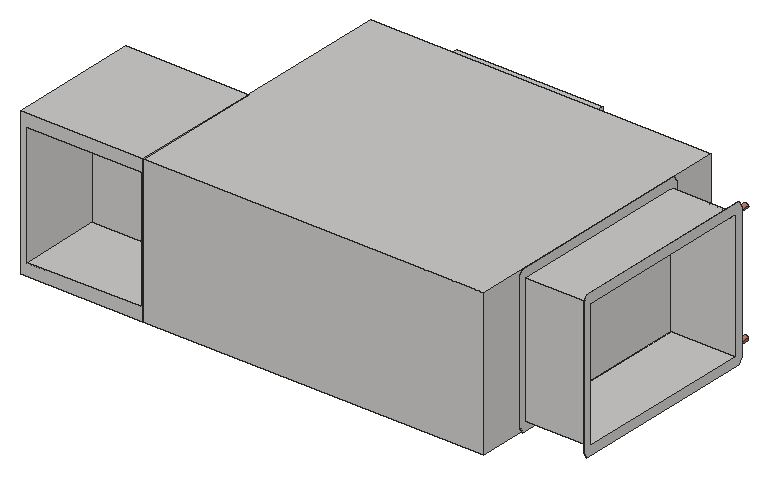
Revit family
Parameters
  Width = 3' - 3"
  Voltage = 277 V
  Unit Weight = if(Number of Rows = 1, "272.0 lbs", if(Number of Rows = 2, "277.0 lbs", "0"))  # "272.0 lbs"
  UltraLoc Liner = Choose Liner Option = 3  # no
  URL = "http://www.titus-hvac.com/"
  UL = "181"
  Supply Air Flow [instance] = 0 CFM
  SteriLoc Liner = Choose Liner Option = 2  # no
  Secondary Material = Copper Connectors
  Primary Air Pressure Drop [instance] = 0.00 in-wg
  Primary Air Flow [instance] = 0 CFM
  Pressure [instance] = 0.00 psi
  Plenum Air Pressure Drop [instance] = 0.00 in-wg
  Plenum Air Flow [instance] = 0 CFM
  Outlet Width = 2' - 1"
  Outlet Height = 1' - 5 1/2"
  Number of Rows = 1
  Number of Poles = 1
  Nominal Width = Width + 0' 6 1/4"  # 3' - 9 1/4"
  Nominal Length = Length + 1' 4 7/8" + 0' 9"  # 6' - 0 5/8"
  Nominal Inlet Size = 1' - 2"
  Nominal Height = 1' - 8"
  NFPA = "90A"
  Motor Full Load Amps [instance] = 4.5 A
  Model = "DTFS-F"
  Min. Air Flow = 0 CFM
  Max. Air Flow = 3000 CFM
  Material = Galvanized Steel
  Manufacturer = "Titus"
  Length = 3' - 10 3/4"
  Juction Box Offset = 0' - 6 7/8"
  Inlet Diameter = Nominal Inlet Size - 0' 0 1/8"  # 1' - 1 7/8"
  Induced Air Inlet Width = 1' - 4 7/8"
  Induced Air Inlet Offset = (Nominal Height - Induced Air Inlet Connection Height) / 2  # 0' - 1 11/16"
  Induced Air Inlet Height = 1' - 6 1/8"
  Induced Air Inlet Connection Width = 1' - 3 3/4"
  Induced Air Inlet Connection Height = 1' - 4 5/8"
  Induced Air Filter = no
  Heating Total Capacity [instance] = 0 Btu/h
  Heating Entering Water Temp = 0 °F
  Half Outlet Width = 1' - 0 1/2"
  Half Outlet Connection Width = Outlet Width / 2  # 1' - 0 1/2"
  Half Outlet Connection Height = Outlet Height / 2  # 0' - 8 3/4"
  Half Height Start = -(Nominal Height / 2)  # -0' - 10"
  Half Height End = Nominal Height / 2  # 0' - 10"
  HWC Option = HWC Section : D-E - 1 Row
  HWC Connector Radius = 5/16"
  HWC Connector Length = 0' - 3"
  HP-Motor = "3/4"
  Gallons Per Minute [instance] = 0 GPM
  Frequency = 60 Hz
  Flange Offset = 0' - 1 1/4"
  Filter Size = "18\"x17\""
  Fiber Free Liner = Choose Liner Option = 1  # no
  Fan Disconnect Switch = no
  Duct Radius = Nominal Inlet Size / 2  # 0' - 7"
  Description = "Ultra Quiet Series Fan Powered Terminal Unit, Direct Digital Control, Pressure Independent"
  Connector Vertical Offset = if(Number of Rows = 1, 1' 4 1/4", if(Number of Rows = 2, 1' 4 3/4", 0' 0"))  # 1' - 4 1/4"
  Connector Horizontal Offset = if(Number of Rows = 1, 0' 0", if(Number of Rows = 2, 0' 1", 0' 0"))  # 0' - 0"
  Connection Void Radius = Connection Radius - 0' 0 1/4"  # 0' - 6 11/16"
  Connection Radius = Inlet Diameter / 2  # 0' - 6 15/16"
  Choose Liner Option = 0
  CADworks URL = "www.CADworks.net"
  Assembly Code = "D3040100"
  Apparent Power [instance] = Voltage * Motor Full Load Amps  # 1246.5 VA
  Air Inlet Offset = 0' - 10"
  1/2" Fiberglass Liner = Choose Liner Option = 0  # yes
  1" Fiberglass Liner = Choose Liner Option = 4  # no
Reference planes (in)
  plane 1 "Center (Front/Back)": y = 0
  plane 2: z = 0
  plane 3 "Center (Left/Right)": x = 3
  plane 4: x = -20.375
  plane 5: x = 26.375
  plane 6: x = -13.5
  plane 7: x = -23.75
  plane 8 "Center (Elevation)": z = 0
  plane 9: y = -19.5
  plane 10: y = 19.5
  plane 11: y = 9.5
  plane 12: y = -8.25
  plane 13: z = 0.6875
  plane 14: z = -6.875
  plane 15: x = 35.375
  plane 16: x = 34.375
  plane 17: x = 34.375
  plane 18: y = 15.5
  plane 19: z = -8.125
  plane 20: z = 8.125
  plane 21: y = -12.5
  plane 22: y = 12.5
  plane 23: y = 25.75
  plane 24: x = -37.25
  plane 25: z = 10
  plane 26: z = -10
Forms (in)
  Extrusion 1, solid, material "Galvanized Steel" <- "Material"
    sketch origin (0, 0, 0) x (1, 0, 0) y (0, 1, 0)
      loop
        line (-20.375, 19.5) -> (-20.375, -19.5) -> (26.375, -19.5) -> (26.375, 19.5) -> (-20.375, 19.5)
    from -10 <- "Half Height Start" to 10 <- "Half Height End"
  Extrusion 2, solid, material "Galvanized Steel" <- "Material"
    sketch origin (0, 0, 0) x (1, 0, 0) y (0, 1, 0)
      loop
        line (-37.25, -1.375) -> (-37.25, -19.5) -> (-20.375, -19.5) -> (-20.375, -1.375) -> (-37.25, -1.375)
    from -10 <- "Half Height Start" to 10 <- "Half Height End"
  Extrusion 3, void, detail levels fine
    sketch origin (0, -19.5, 0) x (1, 0, 0) y (0, 0, -1)
      loop
        line (-20.625, 8.3125) -> (-36.375, 8.3125) -> (-36.375, -8.3125) -> (-20.625, -8.3125) -> (-20.625, 8.3125)
    from 0 to 11.25
  Extrusion 4, solid, material "Galvanized Steel" <- "Material"
    sketch origin (3.125, 0, 0) x (1, 0, 0) y (0, 1, 0)
      loop
        line (-16.625, 19.5) -> (3.375, 19.5) -> (3.375, 25.75) -> (-16.625, 25.75) -> (-16.625, 19.5)
    from -6 to 6
  Extrusion 5, solid, material "Galvanized Steel" <- "Material"
    sketch origin (-24.875, -3, 0) x (0, 0, -1) y (0, 1, 0)
      loop
        circle (0, 12.5) r 6.9375
    from 1.125 to 4.5
  Extrusion 6, void, detail levels fine
    sketch origin (-24.875, 0, 0) x (0, 1, 0) y (0, 0, 1)
      loop
        circle (9.5, 0) r 6.6875
    from 1.125 to 11.375
  Extrusion 7, void, detail levels fine
    sketch origin (35.375, -12.5, 8.75) x (0, 0, 1) y (0, -1, 0)
      loop
        line (-17.5, 0) -> (-17.5, -25) -> (0, -25) -> (0, 0) -> (-17.5, 0)
    from -0.0625 to 0
  Extrusion 8, solid, material "Copper Connectors" <- "Secondary Material", detail levels fine
    sketch origin (0, 0, 0) x (1, 0, 0) y (0, 0, 1)
      loop
        circle (34.375, 8.125) r 0.3125
    from -15.5 to -12.5625
  Extrusion 9, solid, material "Copper Connectors" <- "Secondary Material", detail levels fine
    sketch origin (0, 0, 0) x (1, 0, 0) y (0, 0, 1)
      loop
        circle (34.375, -8.125) r 0.3125
    from -15.5 to -12.5625
Cuts and joins
  Extrusion 3 cuts Extrusion 2
  Extrusion 6 cuts Extrusion 1
  Extrusion 6 cuts Extrusion 5
Dimensions and locks (in)
  "Length": plane 5 to plane 4
  equal spacing: plane 5, plane 3 "Center (Left/Right)", plane 4
  locked: Extrusion 4 to Extrusion 4 at 20
  "Juction Box Offset": plane 6 to plane 4
  locked: plane 4 to plane 7 at 3.375
  "Width": plane 9 to plane 10
  equal spacing: plane 9, plane 1 "Center (Front/Back)", plane 10
  locked: Extrusion 5 sketch curve to level at 0
  locked: Extrusion 5 sketch curve to plane 11 at 0
  locked: Extrusion 6 sketch curve to level at 0
  locked: Extrusion 6 sketch curve to plane 11 at 0
  locked: Extrusion 4 to Extrusion 4 at 6.25
  locked: Extrusion 4 to Extrusion 4 at 12
  equal spacing: Extrusion 4, plane 8 "Center (Elevation)", Extrusion 4
  locked: plane 12 to plane 9 at 11.25
  "Air Inlet Offset": plane 10 to plane 11
  "Induced Air Inlet Height": cut or joined group of Extrusion 2, Extrusion 3 to cut or joined group of Extrusion 2, Extrusion 3
  locked: cut or joined group of Extrusion 5, Extrusion 6 to cut or joined group of Extrusion 5, Extrusion 6 at 3.375
  locked: plane 12 to plane 12 at 0
  "Induced Air Inlet Connection Height": Extrusion 3 sketch curve to Extrusion 3 sketch curve
  "Induced Air Inlet Offset": Extrusion 3 sketch curve to cut or joined group of Extrusion 2, Extrusion 3
  "Induced Air Inlet Connection Width": Extrusion 3 sketch curve to Extrusion 3 sketch curve
  locked: Extrusion 3 sketch curve to cut or joined group of Extrusion 1, Extrusion 6 at 0.25
  "Connector Vertical Offset": plane 20 to plane 19
  equal spacing: plane 20, plane 8 "Center (Elevation)", plane 19
  locked: plane 15 to plane 5 at 9
  locked: plane 15 to plane 16 at 1
  "Connector Horizontal Offset": plane 16 to plane 17
  locked: Extrusion 8 sketch curve to plane 17 at 0
  locked: Extrusion 8 sketch curve to plane 20 at 0
  locked: Extrusion 9 sketch curve to plane 16 at 0
  locked: Extrusion 9 sketch curve to plane 19 at 0
  "HWC Connector Length": plane 18 to plane 22
  locked: cut or joined group of Extrusion 1, Extrusion 6 to Extrusion 7 at 9
  locked: cut or joined group of Extrusion 2, Extrusion 3 to cut or joined group of Extrusion 2, Extrusion 3 at 16.875
  locked: cut or joined group of Extrusion 2, Extrusion 3 to cut or joined group of Extrusion 2, Extrusion 3 at 20
  equal spacing: cut or joined group of Extrusion 2, Extrusion 3, plane 8 "Center (Elevation)", cut or joined group of Extrusion 2, Extrusion 3
  locked: cut or joined group of Extrusion 1, Extrusion 6 to cut or joined group of Extrusion 1, Extrusion 6 at 20
  equal spacing: cut or joined group of Extrusion 1, Extrusion 6, plane 8 "Center (Elevation)", cut or joined group of Extrusion 1, Extrusion 6
  locked: nested 1 to cut or joined group of Extrusion 1, Extrusion 6 at 1.1875
  locked: cut or joined group of Extrusion 1, Extrusion 6 to nested 1 at 1.1875
  "Connection Radius": radius of Extrusion 5 sketch curve
  "Connection Void Radius": radius of Extrusion 6 sketch curve
  "HWC Connector Radius": radius of Extrusion 8 sketch curve
  "HWC Connector Radius": radius of Extrusion 9 sketch curve
  aligned and locked: plane 10 to Extrusion 4
  aligned and locked: plane 6 to Extrusion 4
  aligned and locked: plane 7 to cut or joined group of Extrusion 5, Extrusion 6
  aligned and locked: plane 18 to Extrusion 8
  aligned and locked: plane 18 to Extrusion 9
  aligned and locked: plane 9 to cut or joined group of Extrusion 2, Extrusion 3  (x3)
  aligned and locked: plane 5 to nested 1
  aligned and locked: plane 15 to nested 1
  aligned and locked: plane 18 to nested 1  (x2)
  aligned and locked: plane 21 to nested 1
  aligned and locked: plane 22 to nested 1
  aligned and locked: plane 5 to cut or joined group of Extrusion 1, Extrusion 6
  aligned and locked: cut or joined group of Extrusion 1, Extrusion 6 to nested 1
  aligned and locked: cut or joined group of Extrusion 1, Extrusion 6 to plane 10
  aligned and locked: Extrusion 4 to cut or joined group of Extrusion 1, Extrusion 6  (x2)
  aligned and locked: cut or joined group of Extrusion 1, Extrusion 6 to plane 4
  aligned and locked: plane 9 to cut or joined group of Extrusion 1, Extrusion 6
  aligned and locked: cut or joined group of Extrusion 5, Extrusion 6 to cut or joined group of Extrusion 1, Extrusion 6
  aligned and locked: nested 1 to cut or joined group of Extrusion 1, Extrusion 6
  aligned and locked: plane 6 to Extrusion 6
  aligned and locked: Extrusion 6 to plane 7
  aligned and locked: Extrusion 3 to plane 12
  aligned and locked: plane 23 to Extrusion 4
  aligned and locked: plane 24 to cut or joined group of Extrusion 2, Extrusion 3
  aligned and locked: plane 25 to cut or joined group of Extrusion 2, Extrusion 3
  aligned and locked: plane 26 to cut or joined group of Extrusion 2, Extrusion 3
  aligned and locked: plane 26 to cut or joined group of Extrusion 1, Extrusion 6
  aligned and locked: plane 25 to cut or joined group of Extrusion 1, Extrusion 6
Automatic sketch dimensions
  Extrusion 1 sketch curve to plane 4 = 0' - 0"
  Extrusion 1 sketch curve to plane 5 = 0' - 0"
  Extrusion 1 sketch curve to plane 9 = 0' - 0"
  Extrusion 1 sketch curve to plane 10 = 0' - 0"
  Extrusion 2 sketch curve to plane 4 = 0' - 0"
  Extrusion 2 sketch curve to plane 9 = 0' - 0"
  plane 1 "Center (Front/Back)" to Extrusion 2 sketch curve = 0' - 1 3/8"
  Extrusion 4 sketch curve to plane 6 = 0' - 0"
  Extrusion 4 sketch curve to plane 10 = 0' - 0"
  plane 3 "Center (Left/Right)" to Extrusion 4 sketch curve = 0' - 3 1/2"
  Extrusion 4 sketch curve to plane 10 = 0' - 6 1/4"
  Extrusion 2 sketch curve to plane 7 = 1' - 1 1/2"
  Extrusion 7 sketch curve to nested 1 = 0' - 0"  (x4)
Nested families (in)
  nested 1: "HWC Section" at (30.875, 0, 0) x (0, 1, 0) z (0, 0, 1), type <- "HWC Option", type "D-E - 1 Row"
Connectors (in)
  electrical at (-3.5, 25.75, 0), driven by "Apparent Power", driven by "Voltage", driven by "Number of Poles"
    settings: on Extrusion 4, index 8
  hvac at (-23.75, 9.5, 0), driven by "Duct Radius", driven by "Primary Air Pressure Drop", driven by "Primary Air Flow"
    settings: on cut or joined group of Extrusion 5, Extrusion 6, index 9
  hvac at (-28.5, -19.5, 0), driven by "Induced Air Inlet Connection Height", driven by "Induced Air Inlet Connection Width", driven by "Plenum Air Pressure Drop", driven by "Plenum Air Flow"
    settings: on cut or joined group of Extrusion 2, Extrusion 3, index 11
  hvac at (35.375, 0, 0), driven by "Outlet Height", driven by "Outlet Width", driven by "Supply Air Flow"
    settings: on Extrusion 7, index 12
  piping at (34.375, 15.5, 8.125), driven by "Gallons Per Minute", driven by "Pressure", driven by "HWC Connector Radius"
    settings: on Extrusion 8, index 13
  piping at (34.375, 15.5, -8.125), driven by "Gallons Per Minute", driven by "HWC Connector Radius", driven by "Pressure"
    settings: on Extrusion 9, index 14
Definition of nested family "HWC Section"
  Parameters (values of type "B-C - 1 Row")
    Visibility = yes
    Secondary Material = Copper Connectors
    Number of Rows = 1
    Material = Galvanized Steel
    Half Width = HWC Width / 2  # 0' - 10 1/4"
    Half Length-Start = -(HWC Length / 2)  # -0' - 4 1/2"
    Half Length-End = HWC Length / 2  # 0' - 4 1/2"
    HWC Connection Radius = 5/16"
    Flange Offset = 0' - 1"
    Duct Vertical Offset = HWC Height - 0' 0 1/2"  # 1' - 0"
    Duct Horizontal Offset = HWC Width - 0' 0 1/2"  # 1' - 8"
    Connector Vertical Offset = 0' - 11 3/4"
    HWC Width = 1' - 8 1/2"
    HWC Height = 1' - 0 1/2"
    HWC Length = 0' - 9"  # constant formula
    Gallons Per Minute = 0 GPM
    Connector Length = 0' - 3"
    Connector Horizontal Offset = 0' - 0"
  Types (5): name | Number of Rows | Half Width | Flange Offset | Duct Vertical Offset | Duct Horizontal Offset | Connector Vertical Offset | HWC Width | HWC Height | Connector Horizontal Offset
    (no name) | 1 | 0' - 10 1/4" | 0' - 1" | 1' - 0" | 1' - 8" | 0' - 11 3/4" | 1' - 8 1/2" | 1' - 0 1/2" | 0' - 0"
    B-C - 1 Row | 1 | 0' - 10 1/4" | 0' - 1" | 1' - 0" | 1' - 8" | 0' - 11 3/4" | 1' - 8 1/2" | 1' - 0 1/2" | 0' - 0"
    B-C - 2 Row | 2 | 0' - 10 1/4" | 0' - 1" | 1' - 0" | 1' - 8" | 0' - 11 3/4" | 1' - 8 1/2" | 1' - 0 1/2" | 0' - 1"
    D-E - 1 Row | 1 | 1' - 0 1/2" | 0' - 1 1/4" | 1' - 5" | 2' - 0 1/2" | 1' - 4 1/4" | 2' - 1" | 1' - 5 1/2" | 0' - 0"
    D-E - 2 Row | 2 | 1' - 0 1/2" | 0' - 1 1/4" | 1' - 5" | 2' - 0 1/2" | 1' - 4 3/4" | 2' - 1" | 1' - 5 1/2" | 0' - 1"
  Reference planes (in)
    plane 1 "Center (Front/Back)": y = 0
    plane 2: z = 0
    plane 3 "Center (Left/Right)": x = 0
    plane 4: x = -10.25
    plane 5: x = 10.25
    plane 6: y = 4.5
    plane 7: y = -4.5
    plane 8: z = 6.25
    plane 9: z = -6.25
    plane 10: z = 5.875
    plane 11: z = -5.875
    plane 12: y = 3.5
    plane 13: y = 3.5
    plane 14: x = 13.25
  Forms (in)
    Extrusion 1, solid, material "Galvanized Steel" <- "Material", visible <- "Visibility"
      sketch origin (0, 0, 0) x (1, 0, 0) y (0, 0, 1)
        loop
          line (-10.3125, 6.3125) -> (-10.3125, -6.3125) -> (10.3125, -6.3125) -> (10.3125, 6.3125) -> (-10.3125, 6.3125)
      from -4.375 <- "Half Length-Start" to 4.5 <- "Half Length-End"
    Extrusion 2, void, detail levels fine
      sketch origin (0, 0, 0) x (1, 0, 0) y (0, 0, 1)
        loop
          line (-10.25, -6.25) -> (10.25, -6.25) -> (10.25, 6.25) -> (-10.25, 6.25) -> (-10.25, -6.25)
      from -4.5 <- "Half Length-Start" to 4.5 <- "Half Length-End"
    Extrusion 3, solid, material "Copper Connectors" <- "Secondary Material", visible <- "Visibility"
      sketch origin (6, 2.625, 0) x (0, 1, 0) y (0, 0, 1)
        loop
          circle (0.875, -5.875) r 0.3125
      from 4.3125 to 7.25
    Extrusion 4, solid, material "Galvanized Steel" <- "Material", visible <- "Visibility"
      sketch origin (0, -4.375, 0) x (1, 0, 0) y (0, 0, 1)
        loop
          line (-10.25, 6.25) -> (-10.25, -6.25) -> (10.25, -6.25) -> (10.25, 6.25) -> (-10.25, 6.25)
        loop
          line (-11.25, 6.75) -> (-11.25, -6.75) -> (-10.75, -7.25) -> (10.75, -7.25) -> (11.25, -6.75) -> (11.25, 6.75) -> (10.75, 7.25) -> (-10.75, 7.25) -> (-11.25, 6.75)
      from 0 to 0.125
    Extrusion 5, solid, material "Copper Connectors" <- "Secondary Material", visible <- "Visibility"
      sketch origin (6, -0.5, 0) x (0, 1, 0) y (0, 0, 1)
        loop
          circle (4, 5.875) r 0.3125
      from 4.3125 to 7.25
    Extrusion 6, solid, material "Galvanized Steel" <- "Material", visible <- "Visibility"
      sketch origin (0, 4.375, 0) x (1, 0, 0) y (0, 0, -1)
        loop
          line (-10.25, -6.25) -> (10.25, -6.25) -> (10.25, 6.25) -> (-10.25, 6.25) -> (-10.25, -6.25)
        loop
          line (-11.25, -6.75) -> (-10.75, -7.25) -> (10.75, -7.25) -> (11.25, -6.75) -> (11.25, 6.75) -> (10.75, 7.25) -> (-10.75, 7.25) -> (-11.25, 6.75) -> (-11.25, -6.75)
      from 0 to 0.125
  Cuts and joins
    Extrusion 2 cuts Extrusion 1
    joined: Extrusion 1, Extrusion 4, Extrusion 6
  Dimensions and locks (in)
    "HWC Width": plane 4 to plane 5
    equal spacing: plane 4, plane 3 "Center (Left/Right)", plane 5
    "HWC Height": plane 8 to plane 9
    equal spacing: plane 8, plane 2, plane 9
    equal spacing: plane 10, plane 2, plane 11
    locked: plane 12 to plane 6 at 1
    "Connector Horizontal Offset": plane 13 to plane 12
    locked: plane 7 to Extrusion 4 at 0.125
    locked: Extrusion 6 to plane 6 at 0.125
    locked: plane 4 to Extrusion 1 sketch curve at 0.0625
    locked: Extrusion 4 to Extrusion 1 sketch curve at 0.0625
    locked: Extrusion 1 sketch curve to plane 8 at 0.0625
    locked: plane 9 to Extrusion 1 sketch curve at 0.0625
    "Connector Length": plane 5 to plane 14
    "HWC Length": plane 6 to plane 7
    equal spacing: plane 6, plane 1 "Center (Front/Back)", plane 7
    "Connector Vertical Offset": plane 10 to plane 11
    equal spacing: plane 10, level, plane 11
    "HWC Width": Extrusion 4 sketch curve to Extrusion 4 sketch curve
    equal spacing: Extrusion 4 sketch curve, plane 3 "Center (Left/Right)", Extrusion 4 sketch curve
    "HWC Height": Extrusion 4 sketch curve to Extrusion 4 sketch curve
    equal spacing: Extrusion 4 sketch curve, plane 2, Extrusion 4 sketch curve
    locked: cut or joined group of Extrusion 1, Extrusion 2, Extrusion 4, Extrusion 6 to plane 4 at 1  (x2)
    locked: cut or joined group of Extrusion 1, Extrusion 2, Extrusion 4, Extrusion 6 to plane 5 at 1  (x2)
    "HWC Width": Extrusion 6 sketch curve to Extrusion 6 sketch curve
    "HWC Height": Extrusion 6 sketch curve to Extrusion 6 sketch curve
    equal spacing: Extrusion 6 sketch curve, plane 3 "Center (Left/Right)", Extrusion 6 sketch curve
    equal spacing: Extrusion 6 sketch curve, plane 2, Extrusion 6 sketch curve
    "HWC Height": Extrusion 2 sketch curve to Extrusion 2 sketch curve
    "HWC Width": Extrusion 2 sketch curve to Extrusion 2 sketch curve
    equal spacing: Extrusion 2 sketch curve, plane 3 "Center (Left/Right)", Extrusion 2 sketch curve
    equal spacing: Extrusion 2 sketch curve, plane 2, Extrusion 2 sketch curve
    locked: plane 5 to Extrusion 3 at 0.0625
    locked: plane 5 to Extrusion 5 at 0.0625
    "Flange Offset": cut or joined group of Extrusion 1, Extrusion 2, Extrusion 4, Extrusion 6 to plane 8
    "Flange Offset": plane 9 to cut or joined group of Extrusion 1, Extrusion 2, Extrusion 4, Extrusion 6
    "Flange Offset": plane 8 to cut or joined group of Extrusion 1, Extrusion 2, Extrusion 4, Extrusion 6
    "Flange Offset": cut or joined group of Extrusion 1, Extrusion 2, Extrusion 4, Extrusion 6 to plane 9
    "HWC Connection Radius": radius of Extrusion 3 sketch curve
    "HWC Connection Radius": radius of Extrusion 5 sketch curve
    aligned and locked: plane 7 to Extrusion 4
    aligned and locked: plane 6 to Extrusion 6
    aligned and locked: plane 14 to Extrusion 5
    aligned and locked: plane 14 to Extrusion 3
    aligned and locked: Extrusion 6 to cut or joined group of Extrusion 1, Extrusion 2, Extrusion 4, Extrusion 6
    aligned and locked: Extrusion 4 to Extrusion 4
  Automatic sketch dimensions
    Extrusion 3 sketch curve to plane 11 = 0' - 0"
    Extrusion 3 sketch curve to plane 12 = 0' - 0"
    Extrusion 5 sketch curve to plane 10 = 0' - 0"
    Extrusion 5 sketch curve to plane 13 = 0' - 0"
    plane 4 to Extrusion 6 sketch curve = 0' - 1"
    plane 4 to Extrusion 6 sketch curve = 0' - 0 1/2"  (x2)
    Extrusion 6 sketch curve to plane 5 = 0' - 0 1/2"  (x2)
    Extrusion 6 sketch curve to Extrusion 6 sketch curve = 0' - 0 1/2"  (x3)
    plane 8 to Extrusion 6 sketch curve = 0' - 0 1/2"  (x2)
    Extrusion 6 sketch curve to plane 9 = 0' - 0 1/2"  (x2)
    plane 4 to Extrusion 4 sketch curve = 0' - 0 1/2"  (x2)
    Extrusion 4 sketch curve to Extrusion 4 sketch curve = 0' - 0 1/2"  (x4)
    Extrusion 4 sketch curve to plane 5 = 0' - 0 1/2"  (x2)
    Extrusion 4 sketch curve to plane 9 = 0' - 0 1/2"  (x2)
    plane 8 to Extrusion 4 sketch curve = 0' - 0 1/2"  (x2)
